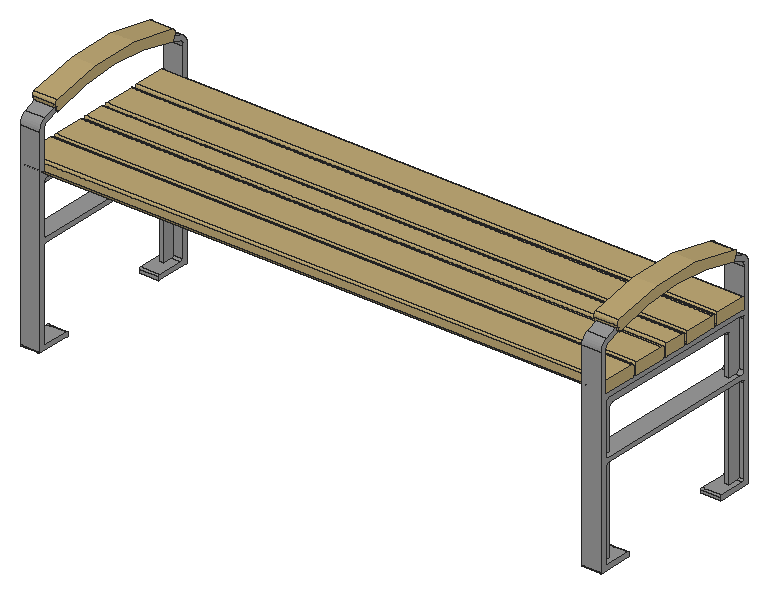
Revit family "L-FUR_벤치_YB-335_예건", category 일반 모델, Revit 2021
Family settings
  보강 철근 호스트 가능 = 아니오
  원형 커넥터 치수 = 지름 사용
  부품 유형 = 보통
  작업 기준면 기반 = 아니오
  항상 수직 = 예
  로드될 때 보이드를 사용하여 절단 = 아니오
  공유 = 아니오
  룸 계산 점 = 아니오
Parameters
  한국산업규격KS = ""
  조달청표준공사코드-세부공종 = "24149487"
  기본 입면도 = 0 mm
  건설정보분류체계-부위분류 = "E943"
  LIM_INFO_주의사항 = "재배포, 재가공, 판매 금지"
  LIM_INFO_제품업체 = "예건"
  LIM_INFO_제품번호 = "YF-16"
  LIM_INFO_제품명 = "펜스_YF-16"
  LIM_INFO_제작일 = "20230315"
  LIM_INFO_재료 = "Hardwood, STL-pipe, STL-plate"
  LIM_INFO_업체정보 = ""
  LIM_INFO_업체URL = "https://yekun.com/"
  LIM_INFO_업체TEL = "(+82)31-943-6114"
  LIM_INFO_업체EMAIL = "yekun@yekun.com"
  LIM_INFO_버전 = "2023_V01"
  LIM_INFO_기타정보 = ""
  LIM_INFO_규격 = "W2000 x H1800"
  LIM_INFO_가격 = 0
  LIM_INFO_PV_포장재여부 = yes
  LIM_INFO_PV_면적 = 0.00 m²
  KBIMS_식별-버전 = ""
  KBIMS_식별-bSK등록번호 = ""
  KBIMS_보급정보-저작자 = "림인포테크_MMJ"
  KBIMS_보급정보-보급코드 = ""
Reference planes
  plane 1 "중심(앞/뒤)": y = 0
  plane 2: z = 0
  plane 3 "중심(왼쪽/오른쪽)": x = 0
Dimensions and locks
  aligned and locked: level to plane 2
Nested families
  nested 1: "YB-335_base" at (0, 0, 0), type "YB-335_base"
Definition of nested family "YB-335_base"
  Parameters (values of type "YB-335_base")
    Default Elevation = 0 mm
  Reference planes
    plane 1 "중심(앞/뒤)": y = 0
    plane 2: z = 0
    plane 3 "중심(왼쪽/오른쪽)": x = 0
  Forms (mm)
    Extrusion 1, solid, detail levels fine
      sketch origin (0, 474, 0) x (0, 1, 0) y (0, 0, 1)
        loop
          arc (-422.958, 565.906) -> (-427.67, 561.947) -> (-428.176, 555.813) r 8
          line (-428.176, 555.813) -> (-422.34, 537.749)
          arc (-422.34, 537.749) -> (-237, 567.382) -> (-51.66, 537.749) r 594.424
          line (-51.66, 537.749) -> (-45.824, 555.813)
          arc (-45.824, 555.813) -> (-46.33, 561.947) -> (-51.042, 565.906) r 8
          arc (-51.042, 565.906) -> (-237, 594.382) -> (-422.958, 565.906) r 621.424
      from 0 to 60
    Extrusion 2, solid, detail levels fine
      sketch origin (0, 474, 0) x (0, 1, 0) y (0, 0, 1)
        loop
          line (0, 2) -> (0, 511.316)
          arc (0, 511.316) -> (-4.747, 526.607) -> (-17.319, 536.521) r 27
          arc (-17.319, 536.521) -> (-32.361, 542.078) -> (-47.541, 547.246) r 623.855
          line (-47.541, 547.246) -> (-51.229, 535.829)
          arc (-51.229, 535.829) -> (-38.032, 531.354) -> (-24.939, 526.582) r 615.989
          arc (-24.939, 526.582) -> (-15.55, 519.245) -> (-12, 507.87) r 20
          line (-12, 507.87) -> (-12, 415)
          arc (-12, 415) -> (-13.464, 411.464) -> (-17, 410) r 5
          line (-17, 410) -> (-457, 410)
          arc (-457, 410) -> (-460.536, 411.464) -> (-462, 415) r 5
          line (-462, 415) -> (-462, 507.87)
          arc (-462, 507.87) -> (-458.45, 519.245) -> (-449.061, 526.582) r 20
          arc (-449.061, 526.582) -> (-435.968, 531.354) -> (-422.771, 535.829) r 615.989
          line (-422.771, 535.829) -> (-426.459, 547.246)
          arc (-426.459, 547.246) -> (-441.639, 542.078) -> (-456.681, 536.521) r 623.855
          arc (-456.681, 536.521) -> (-469.253, 526.607) -> (-474, 511.316) r 27
          line (-474, 511.316) -> (-474, 2)
          arc (-474, 2) -> (-473.414, 0.586) -> (-472, 0) r 2
          line (-472, 0) -> (-392, 0) -> (-384, 0) -> (-384, 8)
          arc (-384, 8) -> (-385.172, 10.828) -> (-388, 12) r 4
          line (-388, 12) -> (-455.95, 12)
          arc (-455.95, 12) -> (-459.486, 13.464) -> (-460.95, 17) r 5
          line (-460.95, 17) -> (-460.95, 239)
          arc (-460.95, 239) -> (-458.021, 246.071) -> (-450.95, 249) r 10
          line (-450.95, 249) -> (-23.05, 249)
          arc (-23.05, 249) -> (-15.979, 246.071) -> (-13.05, 239) r 10
          line (-13.05, 239) -> (-13.05, 17)
          arc (-13.05, 17) -> (-14.514, 13.464) -> (-18.05, 12) r 5
          line (-18.05, 12) -> (-86, 12)
          arc (-86, 12) -> (-88.828, 10.828) -> (-90, 8) r 4
          line (-90, 8) -> (-90, 0) -> (-82, 0) -> (-2, 0)
          arc (-2, 0) -> (-0.586, 0.586) -> (0, 2) r 2
        loop
          arc (-450.95, 398) -> (-458.021, 395.071) -> (-460.95, 388) r 10
          line (-460.95, 388) -> (-460.95, 268.999)
          arc (-460.95, 268.999) -> (-458.021, 261.928) -> (-450.95, 258.999) r 10
          line (-450.95, 258.999) -> (-23.05, 258.999)
          arc (-23.05, 258.999) -> (-15.979, 261.928) -> (-13.05, 268.999) r 10
          line (-13.05, 268.999) -> (-13.05, 388)
          arc (-13.05, 388) -> (-15.979, 395.071) -> (-23.05, 398) r 10
          line (-23.05, 398) -> (-450.95, 398)
      from 5 to 55
    Extrusion 3, solid, detail levels fine
      sketch origin (0, 474, 0) x (0, 1, 0) y (0, 0, 1)
        loop
          line (-430.95, 258.999) -> (-430.95, 357.999)
          arc (-430.95, 357.999) -> (-428.021, 365.07) -> (-420.95, 367.999) r 10
          line (-420.95, 367.999) -> (-53.05, 367.999)
          arc (-53.05, 367.999) -> (-45.979, 365.07) -> (-43.05, 357.999) r 10
          line (-43.05, 357.999) -> (-43.05, 258.999) -> (-23.05, 258.999)
          arc (-23.05, 258.999) -> (-15.979, 261.928) -> (-13.05, 268.999) r 10
          line (-13.05, 268.999) -> (-13.05, 388)
          arc (-13.05, 388) -> (-15.979, 395.071) -> (-23.05, 398) r 10
          line (-23.05, 398) -> (-450.95, 398)
          arc (-450.95, 398) -> (-458.021, 395.071) -> (-460.95, 388) r 10
          line (-460.95, 388) -> (-460.95, 268.999)
          arc (-460.95, 268.999) -> (-458.021, 261.928) -> (-450.95, 258.999) r 10
          line (-450.95, 258.999) -> (-430.95, 258.999)
        loop
          line (-430.95, 12) -> (-430.95, 249) -> (-450.95, 249)
          arc (-450.95, 249) -> (-458.021, 246.071) -> (-460.95, 239) r 10
          line (-460.95, 239) -> (-460.95, 17)
          arc (-460.95, 17) -> (-459.486, 13.464) -> (-455.95, 12) r 5
          line (-455.95, 12) -> (-430.95, 12)
        loop
          line (-43.05, 249) -> (-43.05, 12) -> (-18.05, 12)
          arc (-18.05, 12) -> (-14.514, 13.464) -> (-13.05, 17) r 5
          line (-13.05, 17) -> (-13.05, 239)
          arc (-13.05, 239) -> (-15.979, 246.071) -> (-23.05, 249) r 10
          line (-23.05, 249) -> (-43.05, 249)
      from 20 to 30
    Extrusion 4, solid, detail levels fine
      sketch origin (0, 474, 0) x (0, 1, 0) y (0, 0, 1)
        loop
          line (-98, 410) -> (-18, 410)
          arc (-18, 410) -> (-14.464, 411.464) -> (-13, 415) r 5
          line (-13, 415) -> (-13, 435)
          arc (-13, 435) -> (-14.464, 438.536) -> (-18, 440) r 5
          line (-18, 440) -> (-98, 440)
          arc (-98, 440) -> (-101.536, 438.536) -> (-103, 435) r 5
          line (-103, 435) -> (-103, 415)
          arc (-103, 415) -> (-101.536, 411.464) -> (-98, 410) r 5
        loop
          line (-195, 410) -> (-115, 410)
          arc (-115, 410) -> (-111.464, 411.464) -> (-110, 415) r 5
          line (-110, 415) -> (-110, 435)
          arc (-110, 435) -> (-111.464, 438.536) -> (-115, 440) r 5
          line (-115, 440) -> (-195, 440)
          arc (-195, 440) -> (-198.536, 438.536) -> (-200, 435) r 5
          line (-200, 435) -> (-200, 415)
          arc (-200, 415) -> (-198.536, 411.464) -> (-195, 410) r 5
        loop
          line (-262, 410) -> (-212, 410)
          arc (-212, 410) -> (-208.464, 411.464) -> (-207, 415) r 5
          line (-207, 415) -> (-207, 435)
          arc (-207, 435) -> (-208.464, 438.536) -> (-212, 440) r 5
          line (-212, 440) -> (-262, 440)
          arc (-262, 440) -> (-265.536, 438.536) -> (-267, 435) r 5
          line (-267, 435) -> (-267, 415)
          arc (-267, 415) -> (-265.536, 411.464) -> (-262, 410) r 5
        loop
          line (-359, 410) -> (-279, 410)
          arc (-279, 410) -> (-275.464, 411.464) -> (-274, 415) r 5
          line (-274, 415) -> (-274, 435)
          arc (-274, 435) -> (-275.464, 438.536) -> (-279, 440) r 5
          line (-279, 440) -> (-359, 440)
          arc (-359, 440) -> (-362.536, 438.536) -> (-364, 435) r 5
          line (-364, 435) -> (-364, 415)
          arc (-364, 415) -> (-362.536, 411.464) -> (-359, 410) r 5
        loop
          line (-456, 410) -> (-376, 410)
          arc (-376, 410) -> (-372.464, 411.464) -> (-371, 415) r 5
          line (-371, 415) -> (-371, 435)
          arc (-371, 435) -> (-372.464, 438.536) -> (-376, 440) r 5
          line (-376, 440) -> (-456, 440)
          arc (-456, 440) -> (-459.536, 438.536) -> (-461, 435) r 5
          line (-461, 435) -> (-461, 415)
          arc (-461, 415) -> (-459.536, 411.464) -> (-456, 410) r 5
      from 5 to 1505
    Extrusion 5, solid, detail levels fine
      sketch origin (0, 474, 0) x (1, 0, 0) y (0, 1, 0)
        loop
          arc (775, -58.091) -> (769.142, -43.949) -> (755, -38.091) r 20
          arc (755, -38.091) -> (740.858, -43.949) -> (735, -58.091) r 20
          line (735, -58.091) -> (735, -415.638)
          arc (735, -415.638) -> (740.858, -429.78) -> (755, -435.638) r 20
          arc (755, -435.638) -> (769.142, -429.78) -> (775, -415.638) r 20
          line (775, -415.638) -> (775, -58.091)
      from 405.5 to 410
    Extrusion 6, solid, detail levels fine
      sketch origin (0, 474, 0) x (0, 1, 0) y (0, 0, 1)
        loop
          arc (-422.771, 535.829) -> (-237.027, 565.693) -> (-51.281, 535.846) r 592.735
          line (-51.281, 535.846) -> (-48.558, 544.097) -> (-49.508, 544.41) -> (-51.69, 537.759)
          arc (-51.69, 537.759) -> (-237, 567.382) -> (-422.31, 537.759) r 594.424
          line (-422.31, 537.759) -> (-424.492, 544.41) -> (-425.486, 544.083) -> (-422.771, 535.829)
      from 15 to 45
    Extrusion 7, solid, detail levels fine
      sketch origin (1510, 474, 0) x (0, 1, 0) y (0, 0, -1)
        loop
          arc (-422.958, -565.906) -> (-237, -594.382) -> (-51.042, -565.906) r 621.424
          arc (-51.042, -565.906) -> (-46.33, -561.947) -> (-45.824, -555.813) r 8
          line (-45.824, -555.813) -> (-51.66, -537.749)
          arc (-51.66, -537.749) -> (-237, -567.382) -> (-422.34, -537.749) r 594.424
          line (-422.34, -537.749) -> (-428.176, -555.813)
          arc (-428.176, -555.813) -> (-427.67, -561.947) -> (-422.958, -565.906) r 8
      from 0 to 60
    Extrusion 8, solid, detail levels fine
      sketch origin (1510, 474, 0) x (0, 1, 0) y (0, 0, -1)
        loop
          arc (0, -2) -> (-0.586, -0.586) -> (-2, 0) r 2
          line (-2, 0) -> (-82, 0) -> (-90, 0) -> (-90, -8)
          arc (-90, -8) -> (-88.828, -10.828) -> (-86, -12) r 4
          line (-86, -12) -> (-18.05, -12)
          arc (-18.05, -12) -> (-14.514, -13.464) -> (-13.05, -17) r 5
          line (-13.05, -17) -> (-13.05, -239)
          arc (-13.05, -239) -> (-15.979, -246.071) -> (-23.05, -249) r 10
          line (-23.05, -249) -> (-450.95, -249)
          arc (-450.95, -249) -> (-458.021, -246.071) -> (-460.95, -239) r 10
          line (-460.95, -239) -> (-460.95, -17)
          arc (-460.95, -17) -> (-459.486, -13.464) -> (-455.95, -12) r 5
          line (-455.95, -12) -> (-388, -12)
          arc (-388, -12) -> (-385.172, -10.828) -> (-384, -8) r 4
          line (-384, -8) -> (-384, 0) -> (-392, 0) -> (-472, 0)
          arc (-472, 0) -> (-473.414, -0.586) -> (-474, -2) r 2
          line (-474, -2) -> (-474, -511.316)
          arc (-474, -511.316) -> (-469.253, -526.607) -> (-456.681, -536.521) r 27
          arc (-456.681, -536.521) -> (-441.639, -542.078) -> (-426.459, -547.246) r 623.855
          line (-426.459, -547.246) -> (-422.771, -535.829)
          arc (-422.771, -535.829) -> (-435.968, -531.354) -> (-449.061, -526.582) r 615.989
          arc (-449.061, -526.582) -> (-458.45, -519.245) -> (-462, -507.87) r 20
          line (-462, -507.87) -> (-462, -415)
          arc (-462, -415) -> (-460.536, -411.464) -> (-457, -410) r 5
          line (-457, -410) -> (-17, -410)
          arc (-17, -410) -> (-13.464, -411.464) -> (-12, -415) r 5
          line (-12, -415) -> (-12, -507.87)
          arc (-12, -507.87) -> (-15.55, -519.245) -> (-24.939, -526.582) r 20
          arc (-24.939, -526.582) -> (-38.032, -531.354) -> (-51.229, -535.829) r 615.989
          line (-51.229, -535.829) -> (-47.541, -547.246)
          arc (-47.541, -547.246) -> (-32.361, -542.078) -> (-17.319, -536.521) r 623.855
          arc (-17.319, -536.521) -> (-4.747, -526.607) -> (0, -511.316) r 27
          line (0, -511.316) -> (0, -2)
        loop
          line (-450.95, -398) -> (-23.05, -398)
          arc (-23.05, -398) -> (-15.979, -395.071) -> (-13.05, -388) r 10
          line (-13.05, -388) -> (-13.05, -268.999)
          arc (-13.05, -268.999) -> (-15.979, -261.928) -> (-23.05, -258.999) r 10
          line (-23.05, -258.999) -> (-450.95, -258.999)
          arc (-450.95, -258.999) -> (-458.021, -261.928) -> (-460.95, -268.999) r 10
          line (-460.95, -268.999) -> (-460.95, -388)
          arc (-460.95, -388) -> (-458.021, -395.071) -> (-450.95, -398) r 10
      from 5 to 55
    Extrusion 9, solid, detail levels fine
      sketch origin (1510, 474, 0) x (0, 1, 0) y (0, 0, -1)
        loop
          line (-430.95, -258.999) -> (-450.95, -258.999)
          arc (-450.95, -258.999) -> (-458.021, -261.928) -> (-460.95, -268.999) r 10
          line (-460.95, -268.999) -> (-460.95, -388)
          arc (-460.95, -388) -> (-458.021, -395.071) -> (-450.95, -398) r 10
          line (-450.95, -398) -> (-23.05, -398)
          arc (-23.05, -398) -> (-15.979, -395.071) -> (-13.05, -388) r 10
          line (-13.05, -388) -> (-13.05, -268.999)
          arc (-13.05, -268.999) -> (-15.979, -261.928) -> (-23.05, -258.999) r 10
          line (-23.05, -258.999) -> (-43.05, -258.999) -> (-43.05, -357.999)
          arc (-43.05, -357.999) -> (-45.979, -365.07) -> (-53.05, -367.999) r 10
          line (-53.05, -367.999) -> (-420.95, -367.999)
          arc (-420.95, -367.999) -> (-428.021, -365.07) -> (-430.95, -357.999) r 10
          line (-430.95, -357.999) -> (-430.95, -258.999)
        loop
          line (-430.95, -12) -> (-455.95, -12)
          arc (-455.95, -12) -> (-459.486, -13.464) -> (-460.95, -17) r 5
          line (-460.95, -17) -> (-460.95, -239)
          arc (-460.95, -239) -> (-458.021, -246.071) -> (-450.95, -249) r 10
          line (-450.95, -249) -> (-430.95, -249) -> (-430.95, -12)
        loop
          line (-43.05, -249) -> (-23.05, -249)
          arc (-23.05, -249) -> (-15.979, -246.071) -> (-13.05, -239) r 10
          line (-13.05, -239) -> (-13.05, -17)
          arc (-13.05, -17) -> (-14.514, -13.464) -> (-18.05, -12) r 5
          line (-18.05, -12) -> (-43.05, -12) -> (-43.05, -249)
      from 20 to 30
    Extrusion 10, solid, detail levels fine
      sketch origin (1510, 474, 0) x (0, 1, 0) y (0, 0, -1)
        loop
          line (-422.771, -535.829) -> (-425.486, -544.083) -> (-424.492, -544.41) -> (-422.31, -537.759)
          arc (-422.31, -537.759) -> (-237, -567.382) -> (-51.69, -537.759) r 594.424
          line (-51.69, -537.759) -> (-49.508, -544.41) -> (-48.558, -544.097) -> (-51.281, -535.846)
          arc (-51.281, -535.846) -> (-237.027, -565.693) -> (-422.771, -535.829) r 592.735
      from 15 to 45
    Extrusion 11, solid, detail levels coarse+medium
      sketch origin (0, 474, 0) x (0, 1, 0) y (0, 0, 1)
        loop
          line (-226.96, 440) -> (-461, 440) -> (-461, 410) -> (-227.334, 410) -> (-13, 410) -> (-13, 440) -> (-226.96, 440)
      from 5 to 1505
    Extrusion 12, solid, detail levels coarse+medium
      sketch origin (1510, 474, 0) x (0, 1, 0) y (0, 0, -1)
        loop
          line (0, 0) -> (-82, 0) -> (-90, 0) -> (-90, -12) -> (-13.05, -12) -> (-13.05, -249) -> (-460.95, -249) -> (-460.95, -12) -> (-384, -12) -> (-384, 0) -> (-392, 0) -> (-474, 0) -> (-474, -529.57)
          arc (-474, -529.57) -> (-450.409, -538.891) -> (-426.459, -547.246) r 623.855
          line (-426.459, -547.246) -> (-237.028, -577.703) -> (-47.541, -547.246)
          arc (-47.541, -547.246) -> (-23.591, -538.891) -> (0, -529.57) r 623.855
          line (0, -529.57) -> (0, 0)
        loop
          arc (-51.229, -535.829) -> (-31.493, -529.013) -> (-12, -521.532) r 615.989
          line (-12, -521.532) -> (-12, -410) -> (-462, -410) -> (-462, -521.532)
          arc (-462, -521.532) -> (-442.507, -529.013) -> (-422.771, -535.829) r 615.989
          line (-422.771, -535.829) -> (-237.027, -565.693) -> (-51.229, -535.829)
        loop
          line (-460.95, -398) -> (-13.05, -398) -> (-13.05, -258.999) -> (-460.95, -258.999) -> (-460.95, -398)
      from 5 to 55
    Extrusion 13, solid, detail levels coarse+medium
      sketch origin (1510, 474, 0) x (0, 1, 0) y (0, 0, -1)
        loop
          line (-430.95, -258.999) -> (-460.95, -258.999) -> (-460.95, -398) -> (-13.05, -398) -> (-13.05, -258.999) -> (-43.05, -258.999) -> (-43.05, -367.999) -> (-430.95, -367.999) -> (-430.95, -258.999)
        loop
          line (-430.95, -12) -> (-460.95, -12) -> (-460.95, -249) -> (-430.95, -249) -> (-430.95, -12)
        loop
          line (-43.05, -249) -> (-13.05, -249) -> (-13.05, -12) -> (-43.05, -12) -> (-43.05, -249)
      from 20 to 30
    Extrusion 14, solid, detail levels coarse+medium
      sketch origin (60, 474, 0) x (0, 1, 0) y (0, 0, -1)
        loop
          line (0, 0) -> (-82, 0) -> (-90, 0) -> (-90, -12) -> (-13.05, -12) -> (-13.05, -249) -> (-460.95, -249) -> (-460.95, -12) -> (-384, -12) -> (-384, 0) -> (-392, 0) -> (-474, 0) -> (-474, -529.57)
          arc (-474, -529.57) -> (-450.409, -538.891) -> (-426.459, -547.246) r 623.855
          line (-426.459, -547.246) -> (-237.028, -577.703) -> (-47.541, -547.246)
          arc (-47.541, -547.246) -> (-23.591, -538.891) -> (0, -529.57) r 623.855
          line (0, -529.57) -> (0, 0)
        loop
          arc (-51.229, -535.829) -> (-31.493, -529.013) -> (-12, -521.532) r 615.989
          line (-12, -521.532) -> (-12, -410) -> (-462, -410) -> (-462, -521.532)
          arc (-462, -521.532) -> (-442.507, -529.013) -> (-422.771, -535.829) r 615.989
          line (-422.771, -535.829) -> (-237.027, -565.693) -> (-51.229, -535.829)
        loop
          line (-460.95, -398) -> (-13.05, -398) -> (-13.05, -258.999) -> (-460.95, -258.999) -> (-460.95, -398)
      from 5 to 55
    Extrusion 15, solid, detail levels coarse+medium
      sketch origin (50, 474, 0) x (0, 1, 0) y (0, 0, -1)
        loop
          line (-430.95, -258.999) -> (-460.95, -258.999) -> (-460.95, -398) -> (-13.05, -398) -> (-13.05, -258.999) -> (-43.05, -258.999) -> (-43.05, -367.999) -> (-430.95, -367.999) -> (-430.95, -258.999)
        loop
          line (-430.95, -12) -> (-460.95, -12) -> (-460.95, -249) -> (-430.95, -249) -> (-430.95, -12)
        loop
          line (-43.05, -249) -> (-13.05, -249) -> (-13.05, -12) -> (-43.05, -12) -> (-43.05, -249)
      from 20 to 30
  Dimensions and locks
    aligned and locked: level to plane 2
